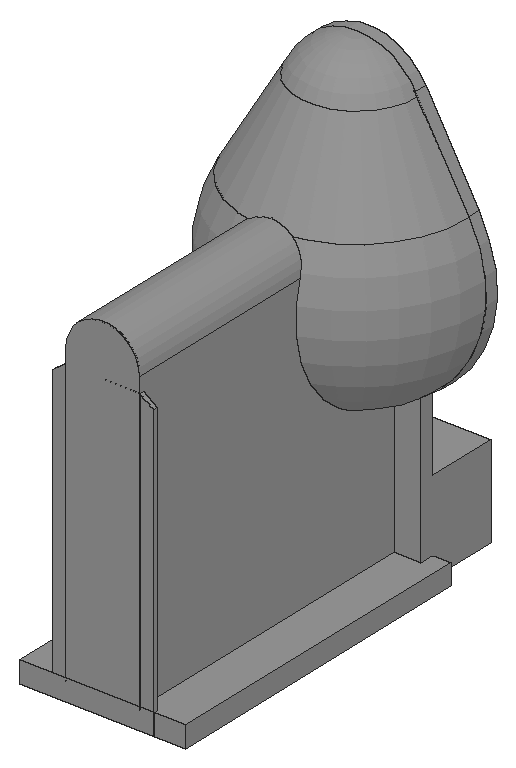
Revit family "Toilet-Willoughby-ETW-1490-FM-BS-HC", category Plumbing Fixtures, Revit 2015
Parameters (values of type "Standard")
  Waste DIA = 2 3/8"
  Waste Connection = yes
  Vent Connection = no
  URL = "https://www.willoughby-ind.com/wp-content/uploads/2018/01/ETW-1490-FM-HC.pdf"
  Type Comments = ""
  Revision = "A"
  Model = "ETW-1490-FM-BS-HC"
  Manufacturer = "Willoughby Industries"
  HW Connection = no
  Flush Inlet DIA = 1 1/2"
  Flush Inlet Connection = yes
  Fixture Body = Stainless Steel AISI 304-Willoughby
  Description = "Handicap Blowout Series Toilet, Back Spud, Handicap Seat Height"
  Default Elevation = 0' - 0"
  Contact = "(800) 428-4065"
  CW Connection = no
Reference planes (in)
  plane 1 "Center (Front/Back)": y = 0
  plane 2: z = 0
  plane 3 "Center (Left/Right)": x = 0
  plane 4 "Seat HGT": y = 18
  plane 5 "Top": y = 19
  plane 6: y = 17.25
  plane 7: z = 18.5
  plane 8: z = 14.933
  plane 9: z = 15.30775
  plane 10: x = 7
  plane 11: z = 18.24525
  plane 12: z = 8
  plane 13: z = 10
  plane 14 "Waste HGT": y = 14.5
  plane 15 "Flush HGT": y = 19.75
  plane 16: z = 25.75
  plane 17: x = 4.5
  plane 18: x = -4.5
  plane 19: z = 1.125
  plane 20: z = -3
  plane 21: y = 22
  plane 22: x = 2
  plane 23: x = -2
  plane 24: x = 3.5
  plane 25: x = -3.5
Forms (in)
  Extrusion 1, solid, material "Stainless Steel AISI 304-Willoughby" <- "Fixture Body"
    sketch origin (0, 0, 0) x (1, 0, 0) y (0, 1, 0)
      loop
        line (-4.5, 0) -> (4.5, 0) -> (4.5, 18) -> (-4.5, 18) -> (-4.5, 0)
    from 0 to 1.125
  Revolve 2, solid, material "Stainless Steel AISI 304-Willoughby" <- "Fixture Body"
    sketch origin (-60, 17.25, 55.20755) x (-1, 0, 0) y (0, 0, 1)
      loop
        line (-60, -46.89981) -> (-60, -46.39981)
        arc (-60, -46.39981) -> (-65.42136, -42.59037) -> (-65.23755, -35.96698) r 7
        line (-65.23755, -35.96698) -> (-62.80388, -31.72393) -> (-62.74416, -31.59711)
        arc (-62.74416, -31.59711) -> (-61.61332, -30.35842) -> (-60, -29.89981) r 3.067
        line (-60, -29.89981) -> (-60, -29.39981)
        arc (-60, -29.39981) -> (-61.93389, -29.96955) -> (-63.25, -31.49678) r 3.567
        line (-63.25, -31.49678) -> (-66.0721, -36.41706)
        arc (-66.0721, -36.41706) -> (-66.0572, -43.40842) -> (-60, -46.89981) r 7
      axis (-60, -29.39981) -> (-60, -46.89981)
    angle from 0 to 180
  Extrusion 3, solid, material "Stainless Steel AISI 304-Willoughby" <- "Fixture Body"
    sketch origin (0, 0, 7.20755) x (1, 0, 0) y (0, 0, 1)
      loop
        line (-3.5, 1.93865) -> (-3.5, -6.08255) -> (3.5, -6.08255) -> (3.5, 1.93865)
        arc (3.5, 1.93865) -> (6.77318, 6.23534) -> (6.01269, 11.58294) r 6.99928
        line (6.01269, 11.58294) -> (3.14932, 16.69649)
        arc (3.14932, 16.69649) -> (-0.10896, 18.5408) -> (-3.25, 16.50322) r 3.60945
        line (-3.25, 16.50322) -> (-6.10166, 11.42924)
        arc (-6.10166, 11.42924) -> (-6.75024, 6.14955) -> (-3.5, 1.93865) r 6.99928
      loop
        arc (-4.17861, 9.875) -> (0, 3.42) -> (4.17861, 9.875) r 4.58
        line (4.17861, 9.875) -> (1.45817, 16.45616)
        arc (1.45817, 16.45616) -> (-0.05754, 17.35793) -> (-1.5058, 16.35139) r 1.629
        line (-1.5058, 16.35139) -> (-4.17861, 9.875)
    from -18 to -17.25
  Extrusion 4, solid, material "Stainless Steel AISI 304-Willoughby" <- "Fixture Body"
    sketch origin (0, 0, 7.20827) x (0, 1, 0) y (0, 0, 1)
      loop
        line (0, 10) -> (0, -6.20827) -> (17.25, -6.20827) -> (17.25, 1.50333)
        arc (17.25, 1.50333) -> (12.13093, 4.2568) -> (11.23533, 10) r 6.52933
        line (11.23533, 10) -> (0, 10)
    from 2 to -2
  Revolve 5, solid, material "Stainless Steel AISI 304-Willoughby" <- "Fixture Body"
    sketch origin (0, 19.75, -24) x (0, 0, -1) y (-1, 0, 0)
      loop
        line (-24, 0) -> (-24, 0.75) -> (-25, 0.75) -> (-25, 0) -> (-24, 0)
      axis (-25, 0) -> (-24, 0)
    angle from 0 to 360
  Revolve 6, solid, material "Stainless Steel AISI 304-Willoughby" <- "Fixture Body"
    sketch origin (0, 14.5, -24) x (0, 0, -1) y (-1, 0, 0)
      loop
        line (-25, 0) -> (-21, 0) -> (-21, 1.1875) -> (-25, 1.1875) -> (-25, 0)
      axis (-25, 0) -> (-21, 0)
    angle from 0 to 360
  Extrusion 7, solid, material "Stainless Steel AISI 304-Willoughby" <- "Fixture Body"
    sketch origin (0, 0, 0) x (1, 0, 0) y (0, 0, 1)
      loop
        line (3.5, 0) -> (3.5, 5) -> (-3.5, 5) -> (-3.5, 0) -> (3.5, 0)
    from -18 to -22
  Extrusion 8, solid, material "Stainless Steel AISI 304-Willoughby" <- "Fixture Body"
    sketch origin (0, 0, 0) x (1, 0, 0) y (0, 0, 1)
      loop
        line (2.75, 0) -> (2.75, 15.84404) -> (1.97095, 16.433) -> (-2.02655, 16.433) -> (-2.75, 15.88607) -> (-2.75, 0) -> (2.75, 0)
    from 0 to -0.25
  Extrusion 9, solid, material "Stainless Steel AISI 304-Willoughby" <- "Fixture Body"
    sketch origin (0, 0, 0) x (1, 0, 0) y (0, 0, 1)
      loop
        arc (2, 17.20827) -> (0, 19.20827) -> (-2, 17.20827) r 2
        line (-2, 17.20827) -> (2, 17.20827)
    from 0 to -11.45573
Cuts and joins
  joined: Extrusion 3, Extrusion 7
  joined: Extrusion 4, Extrusion 9
Lines and regions (in)
  symbolic lines
    curve 1: line (-6.99928, 17.25, 0) -> (-6.99928, 18, 0)
    curve 2: line (-6.99928, 18, 0) -> (6.99928, 18, 0)
    curve 3: line (6.99928, 18, 0) -> (6.99928, 17.25, 0)
    curve 4: arc (6.99928, 17.25, 0) -> (5.61199, 13.06699, 0) -> (2, 10.54198, 0) r 7.00004
    curve 5: arc (-2, 10.5, 0) -> (-5.61336, 13.05014, 0) -> (-6.99928, 17.25, 0) r 7.05654
    curve 6: line (4.5, 11.88868, 0) -> (4.5, 0, 0)
    curve 7: line (4.5, 0, 0) -> (-4.5, 0, 0)
    curve 8: line (-4.5, 0, 0) -> (-4.5, 11.8624, 0)
    curve 9: line (2, 10.54198, 0) -> (2, 0, 0)
    curve 10: line (-2, 0, 0) -> (-2, 10.5, 0)
    curve 11: line (-2.75, 0, 0) -> (-2.75, 0.25, 0)
    curve 12: line (-2.75, 0.25, 0) -> (-2, 0.25, 0)
    curve 13: line (2, 0.25, 0) -> (2.75, 0.25, 0)
    curve 14: line (2.75, 0.25, 0) -> (2.75, 0, 0)
    curve 15: line (-2, 10.5, 0) -> (-2, 10.86373, 0)
    curve 16: line (2, 10.54198, 0) -> (2, 10.86373, 0)
    curve 17: arc (2, 10.86373, 0) -> (1.72801, 11.13343, 0) -> (1.371, 11.27221, 0) r 0.93982
    curve 18: arc (-1.379, 11.27221, 0) -> (-1.72143, 11.11652, 0) -> (-2, 10.86373, 0) r 1.2176
    curve 19: arc (-1.379, 11.27221, 0) -> (-0.004, 11.42848, 0) -> (1.371, 11.27221, 0) r 6.12753
    curve 20: line (-3.5, 18, 0) -> (-3.5, 22, 0)
    curve 21: line (-3.5, 22, 0) -> (3.5, 22, 0)
    curve 22: line (3.5, 22, 0) -> (3.5, 18, 0)
    curve 23: line (-3.5, 0, 9.1462) -> (-3.5, 0, 1.125)
    curve 24: line (-3.5, 0, 1.125) -> (-4.5, 0, 1.125)
    curve 25: line (-4.5, 0, 1.125) -> (-4.5, 0, 0)
    curve 26: line (-4.5, 0, 0) -> (4.5, 0, 0)
    curve 27: line (4.5, 0, 0) -> (4.5, 0, 1.125)
    curve 28: line (4.5, 0, 1.125) -> (3.5, 0, 1.125)
    curve 29: line (3.5, 0, 1.125) -> (3.5, 0, 9.1462)
    curve 30: arc (3.5, 0, 9.1462) -> (6.7665, 0, 13.44017) -> (6.0721, 0, 18.7905) r 7.10069
    curve 31: line (6.0721, 0, 18.7905) -> (3.13372, 0, 23.93162)
    curve 32: arc (3.13372, 0, 23.93162) -> (1.81244, 0, 25.27988) -> (0, 0, 25.80775) r 3.72684
    curve 33: arc (0, 0, 25.80775) -> (-1.94954, 0, 25.26225) -> (-3.25, 0, 23.71078) r 3.42319
    curve 34: line (-3.25, 0, 23.71078) -> (-6.10166, 0, 18.63679)
    curve 35: arc (-6.10166, 0, 18.63679) -> (-6.75024, 0, 13.3571) -> (-3.5, 0, 9.1462) r 6.99928
    curve 36: line (3.5, 0, 5.1356) -> (-3.5, 0, 5.1356)
    curve 42: line (0, 11.45573, 19.20827) -> (0, 0, 19.20827)
    curve 43: line (0, 0, 19.20827) -> (0, 0, 0)
    curve 44: line (0, 0, 0) -> (0, 22, 0)
    curve 45: line (0, 22, 0) -> (0, 22, 5)
    curve 46: line (0, 22, 5) -> (0, 18, 5)
    curve 47: line (0, 18, 5) -> (0, 18, 25.75)
    curve 48: line (0, 18, 25.75) -> (0, 17.25, 25.75)
    curve 49: arc (0, 17.25, 25.75) -> (0, 15.33161, 25.19798) -> (0, 14, 23.71078) r 3.60945
    curve 50: line (0, 14, 23.71078) -> (0, 11.45573, 19.20827)
    curve 51: arc (0, 11.45573, 19.20827) -> (0, 11.05124, 18.02388) -> (0, 10.76664, 16.80512) r 12.55881
    curve 52: arc (0, 10.76664, 16.80512) -> (0, 12.00498, 11.12851) -> (0, 17.25, 8.62908) r 6.60162
    curve 53: line (0, 18, 9.1462) -> (0, 17.25, 9.1462)
    curve 54: line (0, 17.25, 9.1462) -> (0, 17.25, 1.125)
    curve 55: line (0, 17.25, 1.125) -> (0, 0, 1.125)
  symbolic lines, detail levels fine
    curve 37: arc (4.23214, 0, 16.95838) -> (-0.06761, 0, 10.62805) -> (-4.17861, 0, 17.08255) r 4.58
    curve 38: line (-4.17861, 0, 17.08255) -> (-1.5058, 0, 23.55895)
    curve 39: line (1.45817, 0, 23.66371) -> (4.23214, 0, 16.95838)
    curve 40: arc (1.45817, 0, 23.66371) -> (0.87472, 0, 24.35033) -> (0, 0, 24.5665) r 1.46726
    curve 41: arc (0, 0, 24.5665) -> (-0.9059, 0, 24.29138) -> (-1.5058, 0, 23.55895) r 1.629
Dimensions and locks (in)
  plane 7 to level = 1' - 6 1/2"
  plane 5 "Top" to plane 1 "Center (Front/Back)" = 1' - 7"
  plane 4 "Seat HGT" to plane 1 "Center (Front/Back)" = 1' - 6"
  plane 14 "Waste HGT" to plane 1 "Center (Front/Back)" = 1' - 2 1/2"
  plane 1 "Center (Front/Back)" to plane 14 "Waste HGT" = 1' - 2 1/2"
  plane 1 "Center (Front/Back)" to plane 15 "Flush HGT" = 1' - 7 3/4"
  plane 6 to plane 1 "Center (Front/Back)" = 1' - 5 1/4"
  level to plane 16 = 2' - 1 3/4"
  plane 18 to plane 17 = 0' - 9"
  plane 1 "Center (Front/Back)" to plane 4 "Seat HGT" = 1' - 6"
  cut or joined group of Extrusion 3, Extrusion 7 to plane 1 "Center (Front/Back)" = 1' - 10"
  plane 1 "Center (Front/Back)" to plane 21 = 1' - 10"
  plane 18 to plane 3 "Center (Left/Right)" = 0' - 4 1/2"
  plane 21 to plane 1 "Center (Front/Back)" = 1' - 10"
  plane 23 to plane 22 = 0' - 4"
  aligned and locked: plane 17 to Extrusion 1
  aligned and locked: Extrusion 1 to plane 18
  aligned and locked: Extrusion 7 to Extrusion 3
  aligned and locked: Extrusion 7 to level
  aligned and locked: Extrusion 3 to Extrusion 7
  aligned and locked: Extrusion 7 to plane 25
  aligned and locked: Extrusion 3 to plane 25
  aligned and locked: plane 24 to Extrusion 3
  aligned and locked: Revolve 5 sketch curve to Extrusion 1
Connectors (in)
  piping at (0, 14.5, -3), diameter 2.375, driven by "Waste Connection", driven by "Waste DIA"
    settings: on Revolve 6, index 1, connector inside diameter 24", connector length 0' - 0", flow factor 0, pipe flow 1.28 GPM, pressure drop 0.00 psi, fitting loss kfactor 0, connector angle 0.00°, fixture units 0, engagement length 0' - 0", angle of deflection 0.00°, flow configuration 0, flow direction 2, fitting loss method 0, system type 16, joint type 0, gender type 0, connector reference index -1, connector utility 1, adjustable connector no, is connector primary yes, connector description "Toilet Waste"
  piping at (0, 19.75, 0), diameter 1.5, driven by "Flush Inlet Connection", driven by "Flush Inlet DIA"
    settings: on Revolve 5, index 2, connector inside diameter 24", connector length 0' - 0", flow factor 0, pipe flow 0 GPM, pressure drop 0.00 psi, fitting loss kfactor 0, connector angle 0.00°, fixture units 0, engagement length 0' - 0", angle of deflection 0.00°, flow configuration 0, flow direction 1, fitting loss method 0, system type 20, joint type 0, gender type 0, connector reference index -1, connector utility 1, adjustable connector no, is connector primary no, connector description "Flush Inlet"
